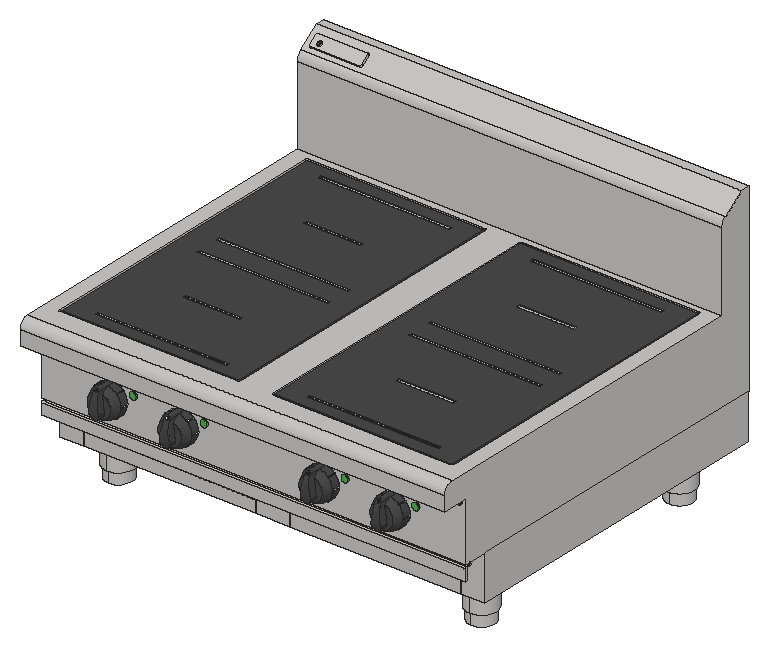
Revit family "QF_Moffat_IN8400R3-B_Induction Cooktop_cat", category Specialty Equipment, Revit 2019
Family settings
  Round Connector Dimension = Use Diameter
  Part Type = Normal
  Work Plane-Based = No
  Always vertical = Yes
  Cut with Voids When Loaded = No
  Shared = No
  Room Calculation Point = No
Parameters (values of type "INB8400R3-B_415/60/3")
  Weight in Kilograms = 105
  Watts = 14000 W
  Volts = 415 V
  URL Cutsheet = ""
  Specification by User = ""
  Specification by Manufacturer = ""
  Show Logo [instance] = yes
  Serial Number = ""
  Seismic Rating = ""
  SMACNA No = ""
  Revision Code = ""
  Phase = 3
  Number of Poles = 1
  NAFEM Spec ID Number = ""
  Model = "IN8400R3-B"
  Min Ckt Ampacity = 0 A
  Max Overcurrent Protection = 0 A
  Masterspec = ""
  Manufacturer = "Moffat"
  Length = 900 mm
  Item Number = ""
  Installed By = ""
  Identify Quantity as Lot = yes
  Height = 570 mm
  HP = ""
  Furnished By = ""
  Foodservice Equipment Identifier = yes
  FL Amps = 20 A
  Electrical Remarks = ""
  Electric Connection Type = ""
  Elec Conn RI Height = 0 mm
  Elec Conn Connection Height = 0 mm
  Description = "Induction Cooktop"
  Depth = 805 mm
  Cycle = 60 Hz
  Conn Plug = ""
  Conn Conduit = yes
  CSI MasterFormat = ""
  Apparent Power = if(Phase = 3, Volts * FL Amps * 1.73, Volts * FL Amps)  # 14359 VA
Reference planes
  plane 1 "BACK": y = 0
  plane 2: z = 0
  plane 3 "LEFT": x = 0
  plane 4 "RIGHT": x = 900
  plane 5 "FRONT": y = -805
  plane 6 "TOP": z = 570
  plane 7 "Center Y": x = 450
  plane 8 "Center X": y = -402.5
  plane 9: x = 65.5
  plane 10: y = -30
  plane 11: x = 770
  plane 12: z = 85
  plane 13: y = -100
  plane 14: y = -625
  plane 15: y = -70
  plane 16: z = 355
  plane 17: z = 75
  plane 18: x = 834.5
Forms (mm)
  Extrusion 1, solid, material "QF_Metal_Stainless_Polished"
    sketch origin (0, 0, 0) x (0, 1, 0) y (0, 0, 1)
      loop
        line (0, 180) -> (0, 570) -> (-18.182, 570) -> (-60.863, 538.99)
        arc (-60.863, 538.99) -> (-67.584, 531.121) -> (-70, 521.058) r 22.165
        line (-70, 521.058) -> (-70, 355) -> (-784.417, 355)
        arc (-784.417, 355) -> (-798.971, 348.971) -> (-805, 334.417) r 20.583
        line (-805, 334.417) -> (-805, 305) -> (-749, 305) -> (-749, 180) -> (0, 180)
    from 0 to 900
  Extrusion 2, void
    sketch origin (0, -784.171, 355) x (0, 1, 0) y (-1, 0, 0)
      loop
        arc (699.341, -37.323) -> (697.584, -33.08) -> (693.341, -31.323) r 6
        line (693.341, -31.323) -> (45.245, -31.323)
        arc (45.245, -31.323) -> (41.002, -33.08) -> (39.245, -37.323) r 6
        line (39.245, -37.323) -> (39.245, -410.105)
        arc (39.245, -410.105) -> (41.002, -414.347) -> (45.245, -416.105) r 6
        line (45.245, -416.105) -> (693.341, -416.105)
        arc (693.341, -416.105) -> (697.584, -414.347) -> (699.341, -410.105) r 6
        line (699.341, -410.105) -> (699.341, -37.323)
      loop
        line (699.341, -862.677) -> (699.341, -489.895)
        arc (699.341, -489.895) -> (697.584, -485.653) -> (693.341, -483.895) r 6
        line (693.341, -483.895) -> (45.245, -483.895)
        arc (45.245, -483.895) -> (41.002, -485.653) -> (39.245, -489.895) r 6
        line (39.245, -489.895) -> (39.245, -862.677)
        arc (39.245, -862.677) -> (41.002, -866.92) -> (45.245, -868.677) r 6
        line (45.245, -868.677) -> (693.341, -868.677)
        arc (693.341, -868.677) -> (697.584, -866.92) -> (699.341, -862.677) r 6
    from 0 to -9.5
  Extrusion 3, solid, material "QF_Plastic_Black_Smooth"
    sketch origin (0, -784.171, 355) x (0, 1, 0) y (-1, 0, 0)
      loop
        line (695.341, -410.105) -> (695.341, -37.323)
        arc (695.341, -37.323) -> (694.755, -35.908) -> (693.341, -35.323) r 2
        line (693.341, -35.323) -> (45.245, -35.323)
        arc (45.245, -35.323) -> (43.831, -35.908) -> (43.245, -37.323) r 2
        line (43.245, -37.323) -> (43.245, -410.105)
        arc (43.245, -410.105) -> (43.831, -411.519) -> (45.245, -412.105) r 2
        line (45.245, -412.105) -> (693.341, -412.105)
        arc (693.341, -412.105) -> (694.755, -411.519) -> (695.341, -410.105) r 2
      loop
        line (667.194, -86.598) -> (661.194, -86.598) -> (661.194, -363.75) -> (667.194, -363.75) -> (667.194, -86.598)
      loop
        line (526.611, -163.924) -> (526.611, -283.924) -> (532.611, -283.924) -> (532.611, -163.924) -> (526.611, -163.924)
      loop
        line (398.444, -86.598) -> (392.444, -86.598) -> (392.444, -363.75) -> (398.444, -363.75) -> (398.444, -86.598)
      loop
        line (345.944, -86.598) -> (339.944, -86.598) -> (339.944, -363.75) -> (345.944, -363.75) -> (345.944, -86.598)
      loop
        line (206.611, -163.924) -> (206.611, -283.924) -> (212.611, -283.924) -> (212.611, -163.924) -> (206.611, -163.924)
      loop
        line (77.194, -86.598) -> (71.194, -86.598) -> (71.194, -363.75) -> (77.194, -363.75) -> (77.194, -86.598)
      loop
        arc (695.341, -489.895) -> (694.755, -488.481) -> (693.341, -487.895) r 2
        line (693.341, -487.895) -> (45.245, -487.895)
        arc (45.245, -487.895) -> (43.831, -488.481) -> (43.245, -489.895) r 2
        line (43.245, -489.895) -> (43.245, -862.677)
        arc (43.245, -862.677) -> (43.831, -864.092) -> (45.245, -864.677) r 2
        line (45.245, -864.677) -> (693.341, -864.677)
        arc (693.341, -864.677) -> (694.755, -864.092) -> (695.341, -862.677) r 2
        line (695.341, -862.677) -> (695.341, -489.895)
      loop
        line (667.194, -813.402) -> (667.194, -536.25) -> (661.194, -536.25) -> (661.194, -813.402) -> (667.194, -813.402)
      loop
        line (526.611, -736.076) -> (532.611, -736.076) -> (532.611, -616.076) -> (526.611, -616.076) -> (526.611, -736.076)
      loop
        line (398.444, -813.402) -> (398.444, -536.25) -> (392.444, -536.25) -> (392.444, -813.402) -> (398.444, -813.402)
      loop
        line (345.944, -813.402) -> (345.944, -536.25) -> (339.944, -536.25) -> (339.944, -813.402) -> (345.944, -813.402)
      loop
        line (206.611, -736.076) -> (212.611, -736.076) -> (212.611, -616.076) -> (206.611, -616.076) -> (206.611, -736.076)
      loop
        line (77.194, -813.402) -> (77.194, -536.25) -> (71.194, -536.25) -> (71.194, -813.402) -> (77.194, -813.402)
    from 0 to -9.5
  Extrusion 4, solid, material "QF_Metal_Stainless_Polished"
    sketch origin (0, 0, 40) x (0, 1, 0) y (0, 0, 1)
      loop
        line (-739.467, 140) -> (-738.192, 134.838)
        arc (-738.192, 134.838) -> (-738.307, 134.302) -> (-738.799, 134.063) r 0.625
        line (-738.799, 134.063) -> (-746.111, 134.063)
        arc (-746.111, 134.063) -> (-748.011, 133.276) -> (-748.797, 131.377) r 2.686
        line (-748.797, 131.377) -> (-748.797, 107.627) -> (-747.197, 107.627) -> (-747.197, 131.242)
        arc (-747.197, 131.242) -> (-746.84, 132.105) -> (-745.976, 132.463) r 1.221
        line (-745.976, 132.463) -> (-738.755, 132.463)
        arc (-738.755, 132.463) -> (-737.028, 133.304) -> (-736.625, 135.182) r 2.194
        line (-736.625, 135.182) -> (-737.815, 140) -> (-739.467, 140)
    from 0 to 900
  Extrusion 5, solid, material "QF_Plastic_Black_Smooth"
    sketch origin (0, -749, 181.875) x (0, 0, 1) y (-1, 0, 0)
      loop
        circle (112.843, -13.157) r 5
      loop
        circle (112.843, -886.843) r 5
    from 0 to 1.6
  Extrusion 6, solid, material "QF_Metal_Stainless_Polished"
    sketch origin (450, -699, 85) x (0, 1, 0) y (1, 0, 0)
      loop
        circle (669, 320) r 6.35
    from 0 to 10
  Extrusion 7, solid, material "QF_Metal_Stainless_Polished"
    sketch origin (0, -699, 85) x (1, 0, 0) y (0, -1, 0)
      loop
        line (0, -699) -> (900, -699) -> (900, 0) -> (849.2, 0) -> (849.2, -25.4) -> (485.8, -25.4) -> (485.8, 0) -> (414.2, 0) -> (414.2, -25.4) -> (50.8, -25.4) -> (50.8, 0) -> (0, 0) -> (0, -699)
    from 0 to -95
  Extrusion 8, solid, material "QF_Metal_Stainless_Polished"
    sketch origin (50.8, -30, 85) x (0, 1, 0) y (0, 0, 1)
      loop
        line (-669, 0) -> (-643.6, 0) -> (-643.6, 26.45) -> (-669, 26.45) -> (-669, 0)
      loop
        line (-669, 32.45) -> (-643.6, 32.45) -> (-643.6, 66.4) -> (-669, 66.4) -> (-669, 32.45)
      loop
        line (-669, 67.4) -> (-643.6, 67.4) -> (-643.6, 95) -> (-669, 95) -> (-669, 67.4)
    from 0 to 363.4
  Revolve 9, solid, material "QF_Metal_Stainless_Polished"
    sketch origin (65.5, -4572, -304.8) x (0, 0, -1) y (0, -1, 0)
      loop
        line (-304.8, -4499.5) -> (-304.8, -4472) -> (-389.8, -4472) -> (-389.8, -4503.75) -> (-329.8, -4503.75) -> (-329.8, -4499.5) -> (-304.8, -4499.5)
      axis (-389.8, -4472) -> (-304.8, -4472)
    angle from 0 to 360
  Revolve 10, solid, material "QF_Metal_Stainless_Polished"
    sketch origin (65.5, -4572, -304.8) x (0, 0, -1) y (0, -1, 0)
      loop
        line (-304.8, -3974.5) -> (-304.8, -3947) -> (-389.8, -3947) -> (-389.8, -3978.75) -> (-329.8, -3978.75) -> (-329.8, -3974.5) -> (-304.8, -3974.5)
      axis (-389.8, -3947) -> (-304.8, -3947)
    angle from 0 to 360
  Revolve 11, solid, material "QF_Metal_Stainless_Polished"
    sketch origin (834.5, -4572, -304.8) x (0, 0, -1) y (0, 1, 0)
      loop
        line (-304.8, 4499.5) -> (-329.8, 4499.5) -> (-329.8, 4503.75) -> (-389.8, 4503.75) -> (-389.8, 4472) -> (-304.8, 4472) -> (-304.8, 4499.5)
      axis (-389.8, 4472) -> (-304.8, 4472)
    angle from 0 to 360
  Revolve 12, solid, material "QF_Metal_Stainless_Polished"
    sketch origin (834.5, -4572, -304.8) x (0, 0, -1) y (0, 1, 0)
      loop
        line (-304.8, 3974.5) -> (-329.8, 3974.5) -> (-329.8, 3978.75) -> (-389.8, 3978.75) -> (-389.8, 3947) -> (-304.8, 3947) -> (-304.8, 3974.5)
      axis (-389.8, 3947) -> (-304.8, 3947)
    angle from 0 to 360
  Extrusion 13, solid, material "QF_Metal_Stainless_Polished"
    sketch origin (900, 0, 0) x (-1, 0, 0) y (0, -1, 0)
      loop
        line (536.25, 122.976) -> (536.25, 116.976) -> (813.402, 116.976) -> (813.402, 122.976) -> (536.25, 122.976)
      loop
        line (736.076, 251.56) -> (736.076, 257.56) -> (616.076, 257.56) -> (616.076, 251.56) -> (736.076, 251.56)
      loop
        line (813.402, 385.726) -> (813.402, 391.726) -> (536.25, 391.726) -> (536.25, 385.726) -> (813.402, 385.726)
      loop
        line (813.402, 438.226) -> (813.402, 444.226) -> (536.25, 444.226) -> (536.25, 438.226) -> (813.402, 438.226)
      loop
        line (736.076, 571.56) -> (736.076, 577.56) -> (616.076, 577.56) -> (616.076, 571.56) -> (736.076, 571.56)
      loop
        line (536.25, 712.976) -> (536.25, 706.976) -> (813.402, 706.976) -> (813.402, 712.976) -> (536.25, 712.976)
      loop
        line (363.75, 122.976) -> (86.598, 122.976) -> (86.598, 116.976) -> (363.75, 116.976) -> (363.75, 122.976)
      loop
        line (163.924, 251.56) -> (283.924, 251.56) -> (283.924, 257.56) -> (163.924, 257.56) -> (163.924, 251.56)
      loop
        line (86.598, 385.726) -> (363.75, 385.726) -> (363.75, 391.726) -> (86.598, 391.726) -> (86.598, 385.726)
      loop
        line (86.598, 438.226) -> (363.75, 438.226) -> (363.75, 444.226) -> (86.598, 444.226) -> (86.598, 438.226)
      loop
        line (163.924, 571.56) -> (283.924, 571.56) -> (283.924, 577.56) -> (163.924, 577.56) -> (163.924, 571.56)
      loop
        line (363.75, 712.976) -> (86.598, 712.976) -> (86.598, 706.976) -> (363.75, 706.976) -> (363.75, 712.976)
    from 355 to 345.5
  Extrusion 14, solid, material "QF_Paint_Green"
    sketch origin (63.231, -748.999, 153.75) x (0, 0, 1) y (-1, 0, 0)
      loop
        circle (100.3, -282.5) r 7.15
    from 0 to 1.6
  Extrusion 15, solid, material "QF_Plastic_Black_Smooth"
    sketch origin (75, -748.999, 165.625) x (0, 0, 1) y (-1, 0, 0)
      loop
        circle (112.843, -225) r 5
    from 0 to 1.6
  Extrusion 16, solid, material "QF_Paint_Green"
    sketch origin (-86.769, -748.999, 153.75) x (0, 0, 1) y (-1, 0, 0)
      loop
        circle (100.3, -282.5) r 7.15
    from 0 to 1.6
  Extrusion 17, solid, material "QF_Plastic_Black_Smooth"
    sketch origin (-75, -748.999, 165.625) x (0, 0, 1) y (-1, 0, 0)
      loop
        circle (112.843, -225) r 5
    from 0 to 1.6
  Extrusion 18, solid, material "QF_Paint_Green"
    sketch origin (511.981, -748.999, 153.75) x (0, 0, 1) y (-1, 0, 0)
      loop
        circle (100.3, -282.5) r 7.15
    from 0 to 1.6
  Extrusion 19, solid, material "QF_Plastic_Black_Smooth"
    sketch origin (523.75, -748.999, 165.625) x (0, 0, 1) y (-1, 0, 0)
      loop
        circle (112.843, -225) r 5
    from 0 to 1.6
  Extrusion 20, solid, material "QF_Paint_Green"
    sketch origin (361.981, -748.999, 153.75) x (0, 0, 1) y (-1, 0, 0)
      loop
        circle (100.3, -282.5) r 7.15
    from 0 to 1.6
  Extrusion 21, solid, material "QF_Plastic_Black_Smooth"
    sketch origin (373.75, -748.999, 165.625) x (0, 0, 1) y (-1, 0, 0)
      loop
        circle (112.843, -225) r 5
    from 0 to 1.6
  Extrusion 22, solid, material "QF_Metal_Stainless_Polished"
    sketch origin (849.2, -30, 85) x (0, 1, 0) y (0, 0, -1)
      loop
        line (-669, 0) -> (-669, -26.45) -> (-643.6, -26.45) -> (-643.6, 0) -> (-669, 0)
      loop
        line (-669, -32.45) -> (-669, -66.4) -> (-643.6, -66.4) -> (-643.6, -32.45) -> (-669, -32.45)
      loop
        line (-669, -67.4) -> (-669, -95) -> (-643.6, -95) -> (-643.6, -67.4) -> (-669, -67.4)
    from 0 to 363.4
Cuts and joins
  Extrusion 2 cuts Extrusion 1
Lines and regions (mm)
  symbolic lines
    curve 1: line (0, 0, 0) -> (900, 0, 0)
    curve 2: line (0, -805, 0) -> (0, 0, 0)
    curve 3: line (900, -805, 0) -> (0, -805, 0)
    curve 4: line (900, 0, 0) -> (900, -805, 0)
    curve 5: line (0, -18.182, 0) -> (900, -18.182, 0)
    curve 6: line (0, -70, 0) -> (900, -70, 0)
    curve 7: line (37.323, -84.83, 0) -> (410.105, -84.83, 0)
    curve 8: arc (410.105, -84.83, 0) -> (414.347, -86.587, 0) -> (416.105, -90.83, 0) r 6
    curve 9: line (416.105, -90.83, 0) -> (416.105, -738.926, 0)
    curve 10: arc (416.105, -738.926, 0) -> (414.347, -743.168, 0) -> (410.105, -744.926, 0) r 6
    curve 11: line (410.105, -744.926, 0) -> (37.323, -744.926, 0)
    curve 12: arc (37.323, -744.926, 0) -> (33.08, -743.168, 0) -> (31.323, -738.926, 0) r 6
    curve 13: line (31.323, -738.926, 0) -> (31.323, -90.83, 0)
    curve 14: arc (31.323, -90.83, 0) -> (33.08, -86.587, 0) -> (37.323, -84.83, 0) r 6
    curve 15: line (410.105, -88.83, 0) -> (37.323, -88.83, 0)
    curve 16: arc (37.323, -88.83, 0) -> (35.908, -89.415, 0) -> (35.323, -90.83, 0) r 2
    curve 17: line (35.323, -90.83, 0) -> (35.323, -738.926, 0)
    curve 18: arc (35.323, -738.926, 0) -> (35.908, -740.34, 0) -> (37.323, -740.926, 0) r 2
    curve 19: line (37.323, -740.926, 0) -> (410.105, -740.926, 0)
    curve 20: arc (410.105, -740.926, 0) -> (411.519, -740.34, 0) -> (412.105, -738.926, 0) r 2
    curve 21: line (412.105, -738.926, 0) -> (412.105, -90.83, 0)
    curve 22: arc (412.105, -90.83, 0) -> (411.519, -89.415, 0) -> (410.105, -88.83, 0) r 2
    curve 23: line (416.105, -738.926, 0) -> (416.105, -90.83, 0)
    curve 24: line (412.105, -90.83, 0) -> (412.105, -738.926, 0)
    curve 25: line (862.677, -84.83, 0) -> (489.895, -84.83, 0)
    curve 26: arc (489.895, -84.83, 0) -> (485.653, -86.587, 0) -> (483.895, -90.83, 0) r 6
    curve 27: arc (483.895, -738.926, 0) -> (485.653, -743.168, 0) -> (489.895, -744.926, 0) r 6
    curve 28: line (489.895, -744.926, 0) -> (862.677, -744.926, 0)
    curve 29: arc (862.677, -744.926, 0) -> (866.92, -743.168, 0) -> (868.677, -738.926, 0) r 6
    curve 30: line (868.677, -738.926, 0) -> (868.677, -90.83, 0)
    curve 31: arc (868.677, -90.83, 0) -> (866.92, -86.587, 0) -> (862.677, -84.83, 0) r 6
    curve 32: line (489.895, -88.83, 0) -> (862.677, -88.83, 0)
    curve 33: arc (862.677, -88.83, 0) -> (864.092, -89.415, 0) -> (864.677, -90.83, 0) r 2
    curve 34: line (864.677, -90.83, 0) -> (864.677, -738.926, 0)
    curve 35: arc (864.677, -738.926, 0) -> (864.092, -740.34, 0) -> (862.677, -740.926, 0) r 2
    curve 36: line (862.677, -740.926, 0) -> (489.895, -740.926, 0)
    curve 37: arc (489.895, -740.926, 0) -> (488.481, -740.34, 0) -> (487.895, -738.926, 0) r 2
    curve 38: arc (487.895, -90.83, 0) -> (488.481, -89.415, 0) -> (489.895, -88.83, 0) r 2
    curve 39: line (487.895, -90.83, 0) -> (487.895, -738.926, 0)
    curve 40: arc (487.895, -738.926, 0) -> (488.481, -740.34, 0) -> (489.895, -740.926, 0) r 2
    curve 41: line (489.895, -740.926, 0) -> (862.677, -740.926, 0)
    curve 42: arc (862.677, -740.926, 0) -> (864.092, -740.34, 0) -> (864.677, -738.926, 0) r 2
    curve 43: line (864.677, -738.926, 0) -> (864.677, -90.83, 0)
    curve 44: arc (864.677, -90.83, 0) -> (864.092, -89.415, 0) -> (862.677, -88.83, 0) r 2
    curve 45: line (862.677, -88.83, 0) -> (489.895, -88.83, 0)
    curve 46: arc (489.895, -88.83, 0) -> (488.481, -89.415, 0) -> (487.895, -90.83, 0) r 2
    curve 47: line (483.895, -90.83, 0) -> (483.895, -738.926, 0)
    curve 48: arc (483.895, -738.926, 0) -> (485.653, -743.168, 0) -> (489.895, -744.926, 0) r 6
    curve 49: line (489.895, -744.926, 0) -> (862.677, -744.926, 0)
    curve 50: arc (862.677, -744.926, 0) -> (866.92, -743.168, 0) -> (868.677, -738.926, 0) r 6
    curve 51: line (868.677, -738.926, 0) -> (868.677, -90.83, 0)
    curve 52: arc (868.677, -90.83, 0) -> (866.92, -86.587, 0) -> (862.677, -84.83, 0) r 6
    curve 53: line (862.677, -84.83, 0) -> (489.895, -84.83, 0)
    curve 54: arc (489.895, -84.83, 0) -> (485.653, -86.587, 0) -> (483.895, -90.83, 0) r 6
    curve 55: line (86.598, -122.976, 0) -> (363.75, -122.976, 0)
    curve 56: line (363.75, -122.976, 0) -> (363.75, -116.976, 0)
    curve 57: line (363.75, -116.976, 0) -> (86.598, -116.976, 0)
    curve 58: line (86.598, -116.976, 0) -> (86.598, -122.976, 0)
    curve 59: line (283.924, -251.56, 0) -> (163.924, -251.56, 0)
    curve 60: line (163.924, -251.56, 0) -> (163.924, -257.56, 0)
    curve 61: line (163.924, -257.56, 0) -> (283.924, -257.56, 0)
    curve 62: line (283.924, -257.56, 0) -> (283.924, -251.56, 0)
    curve 63: line (536.25, -122.976, 0) -> (813.402, -122.976, 0)
    curve 64: line (813.402, -122.976, 0) -> (813.402, -116.976, 0)
    curve 65: line (813.402, -116.976, 0) -> (536.25, -116.976, 0)
    curve 66: line (536.25, -116.976, 0) -> (536.25, -122.976, 0)
    curve 67: line (813.402, -706.976, 0) -> (536.25, -706.976, 0)
    curve 68: line (536.25, -706.976, 0) -> (536.25, -712.976, 0)
    curve 69: line (536.25, -712.976, 0) -> (813.402, -712.976, 0)
    curve 70: line (813.402, -712.976, 0) -> (813.402, -706.976, 0)
    curve 71: line (86.598, -712.976, 0) -> (363.75, -712.976, 0)
    curve 72: line (363.75, -712.976, 0) -> (363.75, -706.976, 0)
    curve 73: line (363.75, -706.976, 0) -> (86.598, -706.976, 0)
    curve 74: line (86.598, -706.976, 0) -> (86.598, -712.976, 0)
    curve 75: line (283.924, -577.56, 0) -> (163.924, -577.56, 0)
    curve 76: line (163.924, -577.56, 0) -> (163.924, -571.56, 0)
    curve 77: line (163.924, -571.56, 0) -> (283.924, -571.56, 0)
    curve 78: line (283.924, -571.56, 0) -> (283.924, -577.56, 0)
    curve 79: line (86.598, -444.226, 0) -> (363.75, -444.226, 0)
    curve 80: line (363.75, -444.226, 0) -> (363.75, -438.226, 0)
    curve 81: line (363.75, -438.226, 0) -> (86.598, -438.226, 0)
    curve 82: line (86.598, -438.226, 0) -> (86.598, -444.226, 0)
    curve 83: line (86.598, -391.726, 0) -> (363.75, -391.726, 0)
    curve 84: line (363.75, -391.726, 0) -> (363.75, -385.726, 0)
    curve 85: line (363.75, -385.726, 0) -> (86.598, -385.726, 0)
    curve 86: line (86.598, -385.726, 0) -> (86.598, -391.726, 0)
    curve 87: line (813.402, -385.726, 0) -> (536.25, -385.726, 0)
    curve 88: line (536.25, -385.726, 0) -> (536.25, -391.726, 0)
    curve 89: line (536.25, -391.726, 0) -> (813.402, -391.726, 0)
    curve 90: line (813.402, -391.726, 0) -> (813.402, -385.726, 0)
    curve 91: line (616.076, -257.56, 0) -> (736.076, -257.56, 0)
    curve 92: line (736.076, -257.56, 0) -> (736.076, -251.56, 0)
    curve 93: line (736.076, -251.56, 0) -> (616.076, -251.56, 0)
    curve 94: line (616.076, -251.56, 0) -> (616.076, -257.56, 0)
    curve 95: line (536.25, -122.976, 0) -> (813.402, -122.976, 0)
    curve 96: line (813.402, -122.976, 0) -> (813.402, -116.976, 0)
    curve 97: line (813.402, -116.976, 0) -> (536.25, -116.976, 0)
    curve 98: line (536.25, -116.976, 0) -> (536.25, -122.976, 0)
    curve 99: line (813.402, -438.226, 0) -> (536.25, -438.226, 0)
    curve 100: line (536.25, -438.226, 0) -> (536.25, -444.226, 0)
    curve 101: line (536.25, -444.226, 0) -> (813.402, -444.226, 0)
    curve 102: line (813.402, -444.226, 0) -> (813.402, -438.226, 0)
    curve 103: line (736.076, -571.56, 0) -> (616.076, -571.56, 0)
    curve 104: line (616.076, -571.56, 0) -> (616.076, -577.56, 0)
    curve 105: line (616.076, -577.56, 0) -> (736.076, -577.56, 0)
    curve 106: line (736.076, -577.56, 0) -> (736.076, -571.56, 0)
    curve 107: line (813.402, -706.976, 0) -> (536.25, -706.976, 0)
    curve 108: line (536.25, -706.976, 0) -> (536.25, -712.976, 0)
    curve 109: line (536.25, -712.976, 0) -> (813.402, -712.976, 0)
    curve 110: line (813.402, -712.976, 0) -> (813.402, -706.976, 0)
Dimensions and locks
  equal spacing: plane 3 "LEFT", plane 7 "Center Y", plane 4 "RIGHT"
  "Length": plane 3 "LEFT" to plane 4 "RIGHT"
  equal spacing: plane 5 "FRONT", plane 8 "Center X", plane 1 "BACK"
  "Depth": plane 5 "FRONT" to plane 1 "BACK"
  "Height": plane 6 "TOP" to level
  plane 4 "RIGHT" to plane 3 "LEFT" = 900 mm
  plane 1 "BACK" to plane 5 "FRONT" = 805 mm
  plane 6 "TOP" to plane 2 = 570 mm
  locked: plane 11 to plane 4 "RIGHT" at 130
  plane 1 "BACK" to plane 10 = 30 mm
  plane 1 "BACK" to plane 13 to plane 14 = 100 mm, 525 mm
  plane 1 "BACK" to plane 15 = 70 mm
  plane 16 to level = 355 mm
  level to plane 12 = 85 mm
  plane 17 to level = 75 mm
  plane 11 to plane 4 "RIGHT" = 130 mm
  plane 18 to plane 9 = 769 mm
  locked: plane 4 "RIGHT" to plane 18 at 65.5
  aligned and locked: level to plane 2
  aligned and locked: plane 18 to Revolve 12
  aligned and locked: plane 18 to Revolve 11
  aligned and locked: Extrusion 7 sketch curve to plane 4 "RIGHT"
  aligned and locked: Extrusion 4 to plane 4 "RIGHT"
  aligned and locked: Extrusion 22 to Extrusion 7  (x2)
Automatic sketch dimensions
  Extrusion 1 sketch curve to plane 5 "FRONT" = 0 mm
  Extrusion 1 sketch curve to plane 16 = 0 mm
  Extrusion 1 sketch curve to plane 15 = 0 mm
  Extrusion 1 sketch curve to plane 6 "TOP" = 0 mm
  Extrusion 1 sketch curve to plane 1 "BACK" = 0 mm
  Extrusion 1 sketch curve to plane 5 "FRONT" = 20.583 mm
  Extrusion 1 sketch curve to plane 5 "FRONT" = 56 mm
  Extrusion 1 sketch curve to plane 15 = 9.137 mm
  plane 10 to Extrusion 1 sketch curve = 17.835 mm
  Extrusion 1 sketch curve to plane 10 = 11.818 mm
  Extrusion 1 sketch curve to Extrusion 1 sketch curve = 29.417 mm
  Extrusion 1 sketch curve to plane 12 = 95 mm
  Extrusion 1 sketch curve to plane 6 "TOP" = 48.942 mm
  Extrusion 4 sketch curve to plane 5 "FRONT" = 56.203 mm
  Extrusion 4 sketch curve to Extrusion 4 sketch curve = 1.6 mm
  Extrusion 4 sketch curve to Extrusion 4 sketch curve = 1.086 mm
  Extrusion 4 sketch curve to Extrusion 4 sketch curve = 0.135 mm  (x2)
  Extrusion 4 sketch curve to Extrusion 4 sketch curve = 6.644 mm
  Extrusion 4 sketch curve to Extrusion 4 sketch curve = 0.668 mm
  Extrusion 4 sketch curve to Extrusion 4 sketch curve = 0.044 mm
  Extrusion 4 sketch curve to Extrusion 4 sketch curve = 0.563 mm
  Extrusion 4 sketch curve to Extrusion 4 sketch curve = 1.652 mm
  Extrusion 4 sketch curve to Extrusion 4 sketch curve = 1.567 mm
  Extrusion 4 sketch curve to plane 12 = 62.627 mm
  Extrusion 4 sketch curve to Extrusion 4 sketch curve = 23.614 mm
  Extrusion 4 sketch curve to Extrusion 4 sketch curve = 0.594 mm
  Extrusion 4 sketch curve to Extrusion 4 sketch curve = 0.032 mm
  Extrusion 4 sketch curve to Extrusion 4 sketch curve = 5.162 mm
  Extrusion 1 to Extrusion 5 sketch curve = 10.282 mm  (x2)
  Extrusion 1 to Extrusion 5 sketch curve = 13.157 mm  (x2)
  plane 12 to Revolve 9 sketch curve = 0 mm
  Revolve 9 sketch curve to level = 0 mm  (x2)
  Revolve 9 sketch curve to plane 13 = 0 mm  (x2)
  plane 15 to Revolve 9 sketch curve = 2.5 mm
  level to Revolve 9 sketch curve = 25 mm
  Revolve 9 sketch curve to plane 15 = 1.75 mm
  Revolve 9 sketch curve to Revolve 9 sketch curve = 25 mm
  plane 12 to Revolve 10 sketch curve = 0 mm
  Revolve 10 sketch curve to level = 0 mm  (x2)
  Revolve 10 sketch curve to plane 14 = 0 mm  (x2)
  level to Revolve 10 sketch curve = 25 mm
  Revolve 10 sketch curve to Revolve 10 sketch curve = 27.5 mm
  Revolve 10 sketch curve to Revolve 10 sketch curve = 31.75 mm
  Revolve 10 sketch curve to Revolve 10 sketch curve = 25 mm
  plane 12 to Revolve 11 sketch curve = 0 mm
  Revolve 11 sketch curve to level = 0 mm  (x2)
  Revolve 11 sketch curve to plane 13 = 0 mm  (x2)
  plane 15 to Revolve 11 sketch curve = 2.5 mm
  Revolve 11 sketch curve to Revolve 11 sketch curve = 25 mm
  Revolve 11 sketch curve to plane 15 = 1.75 mm
  Revolve 11 sketch curve to level = 25 mm
  plane 12 to Revolve 12 sketch curve = 0 mm
  Revolve 12 sketch curve to level = 0 mm  (x2)
  Revolve 12 sketch curve to plane 14 = 0 mm  (x2)
  level to Revolve 12 sketch curve = 25 mm
  Revolve 12 sketch curve to plane 14 = 27.5 mm
  Revolve 12 sketch curve to Revolve 12 sketch curve = 4.25 mm
  Revolve 12 sketch curve to Revolve 12 sketch curve = 25 mm
  Extrusion 16 sketch curve to plane 16 = 100.95 mm
  Extrusion 16 sketch curve to plane 9 = 130.231 mm
  Extrusion 17 sketch curve to plane 16 = 76.532 mm
  Extrusion 17 sketch curve to plane 9 = 84.5 mm
  Extrusion 18 sketch curve to plane 11 = 24.481 mm
  Extrusion 18 sketch curve to plane 16 = 100.95 mm
  Extrusion 19 sketch curve to plane 16 = 76.532 mm
  plane 11 to Extrusion 19 sketch curve = 21.25 mm
  plane 12 to Extrusion 22 sketch curve = 0 mm
  plane 14 to Extrusion 22 sketch curve = 74 mm
  Extrusion 22 sketch curve to Extrusion 22 sketch curve = 0 mm  (x4)
  Extrusion 22 sketch curve to Extrusion 22 sketch curve = 25.4 mm
  Extrusion 22 sketch curve to plane 12 = 26.45 mm
  Extrusion 22 sketch curve to Extrusion 22 sketch curve = 6 mm
  Extrusion 22 sketch curve to Extrusion 22 sketch curve = 33.95 mm
  Extrusion 22 sketch curve to Extrusion 22 sketch curve = 1 mm
  Extrusion 22 sketch curve to Extrusion 22 sketch curve = 27.6 mm
  Extrusion 7 to Extrusion 6 sketch curve = 30 mm
  Extrusion 6 sketch curve to Extrusion 7 = 79.2 mm
  Extrusion 7 sketch curve to plane 3 "LEFT" = 0 mm
  plane 1 "BACK" to Extrusion 7 sketch curve = 0 mm
  plane 9 to Extrusion 7 sketch curve = 14.7 mm
  Extrusion 7 sketch curve to plane 7 "Center Y" = 35.8 mm
  plane 7 "Center Y" to Extrusion 7 sketch curve = 35.8 mm
  plane 18 to Extrusion 7 sketch curve = 14.7 mm
  plane 14 to Extrusion 7 sketch curve = 48.6 mm  (x2)
  Extrusion 7 sketch curve to Extrusion 7 sketch curve = 25.4 mm  (x3)
  Extrusion 8 sketch curve to Extrusion 7 = 0 mm  (x8)
  Extrusion 7 to Extrusion 8 sketch curve = 26.45 mm
  Extrusion 8 sketch curve to Extrusion 8 sketch curve = 6 mm
  Extrusion 7 to Extrusion 8 sketch curve = 28.6 mm
  Extrusion 8 sketch curve to Extrusion 8 sketch curve = 1 mm
  Extrusion 14 sketch curve to plane 7 "Center Y" = 104.269 mm
  Extrusion 14 sketch curve to plane 16 = 100.95 mm
  Extrusion 15 sketch curve to plane 16 = 76.532 mm
  Extrusion 15 sketch curve to plane 7 "Center Y" = 150 mm
  Extrusion 20 sketch curve to plane 16 = 100.95 mm
  plane 7 "Center Y" to Extrusion 20 sketch curve = 194.481 mm
  Extrusion 21 sketch curve to plane 16 = 76.532 mm
  plane 7 "Center Y" to Extrusion 21 sketch curve = 148.75 mm
  Extrusion 2 sketch curve to Extrusion 1 = 39.492 mm  (x2)
  Extrusion 2 sketch curve to Extrusion 2 sketch curve = 6 mm  (x6)
  Extrusion 1 to Extrusion 2 sketch curve = 20.83 mm  (x4)
  Extrusion 1 to Extrusion 2 sketch curve = 31.323 mm
  Extrusion 2 sketch curve to Extrusion 2 sketch curve = 372.782 mm
  Extrusion 2 sketch curve to Extrusion 2 sketch curve = 67.791 mm
  Extrusion 1 to Extrusion 2 sketch curve = 37.323 mm
  Extrusion 3 sketch curve to Extrusion 1 = 43.492 mm  (x2)
  Extrusion 3 sketch curve to Extrusion 3 sketch curve = 2 mm  (x6)
  Extrusion 3 sketch curve to Extrusion 3 sketch curve = 25.949 mm  (x2)
  Extrusion 3 sketch curve to Extrusion 3 sketch curve = 6 mm  (x12)
  Extrusion 3 sketch curve to Extrusion 3 sketch curve = 129.416 mm  (x2)
  Extrusion 3 sketch curve to Extrusion 3 sketch curve = 127.334 mm  (x2)
  Extrusion 3 sketch curve to Extrusion 3 sketch curve = 46.5 mm  (x2)
  Extrusion 3 sketch curve to Extrusion 3 sketch curve = 128.166 mm  (x2)
  Extrusion 1 to Extrusion 3 sketch curve = 52.976 mm  (x2)
  Extrusion 1 to Extrusion 3 sketch curve = 20.83 mm  (x4)
  Extrusion 1 to Extrusion 3 sketch curve = 35.323 mm
  Extrusion 3 sketch curve to Extrusion 3 sketch curve = 49.275 mm  (x2)
  Extrusion 1 to Extrusion 3 sketch curve = 86.598 mm  (x4)
  Extrusion 3 sketch curve to Extrusion 3 sketch curve = 0 mm  (x4)
  Extrusion 3 sketch curve to Extrusion 3 sketch curve = 77.326 mm  (x2)
  Extrusion 3 sketch curve to Extrusion 3 sketch curve = 120 mm  (x4)
  Extrusion 3 sketch curve to Extrusion 3 sketch curve = 79.826 mm  (x5)
  Extrusion 3 sketch curve to Extrusion 3 sketch curve = 46.355 mm  (x3)
  Extrusion 3 sketch curve to Extrusion 3 sketch curve = 75.791 mm
  Extrusion 3 sketch curve to Extrusion 3 sketch curve = 172.5 mm
  Extrusion 1 to Extrusion 3 sketch curve = 37.323 mm
  plane 18 to Extrusion 13 sketch curve = 21.098 mm  (x4)
  Extrusion 13 sketch curve to plane 11 = 33.924 mm  (x2)
  plane 14 to Extrusion 13 sketch curve = 47.44 mm
  Extrusion 13 sketch curve to Extrusion 13 sketch curve = 120 mm  (x2)
  plane 8 "Center X" to Extrusion 13 sketch curve = 41.726 mm  (x2)
  Extrusion 13 sketch curve to plane 7 "Center Y" = 86.25 mm  (x3)
  Extrusion 13 sketch curve to plane 8 "Center X" = 16.774 mm  (x2)
  Extrusion 13 sketch curve to Extrusion 13 sketch curve = 0 mm  (x2)
  Extrusion 13 sketch curve to plane 13 = 22.976 mm
  plane 7 "Center Y" to Extrusion 13 sketch curve = 86.25 mm  (x3)
  Extrusion 13 sketch curve to plane 13 = 16.976 mm
  plane 14 to Extrusion 13 sketch curve = 53.44 mm
  Extrusion 13 sketch curve to Extrusion 13 sketch curve = 79.826 mm  (x2)
  plane 9 to Extrusion 13 sketch curve = 98.424 mm  (x2)
  plane 9 to Extrusion 13 sketch curve = 21.098 mm  (x4)
  Extrusion 13 sketch curve to plane 14 = 81.976 mm  (x2)
  Extrusion 13 sketch curve to Extrusion 13 sketch curve = 6 mm  (x12)
  Extrusion 13 sketch curve to plane 8 "Center X" = 144.94 mm  (x2)
  curve 8 to curve 22 = 0 mm
  curve 10 to curve 20 = 0 mm  (x2)
  curve 12 to curve 18 = 0 mm  (x2)
  curve 14 to curve 16 = 0 mm  (x2)
  curve 27 to curve 37 = 0 mm
  curve 27 to curve 40 = 0 mm
  curve 29 to curve 35 = 0 mm  (x2)
  curve 38 to curve 54 = 0 mm
  curve 44 to curve 52 = 0 mm  (x2)
  plane 1 "BACK" to curve 1 = 0 mm
  curve 1 to plane 3 "LEFT" = 0 mm
  curve 6 to plane 4 "RIGHT" = 0 mm
  plane 5 "FRONT" to curve 3 = 0 mm
  plane 15 to curve 6 = 0 mm
  plane 3 "LEFT" to curve 13 = 31.323 mm
  curve 13 to curve 17 = 4 mm
  curve 16 to curve 16 = 2 mm
  curve 17 to curve 18 = 2 mm
  curve 85 to plane 9 = 21.098 mm
  curve 82 to plane 9 = 21.098 mm
  curve 71 to plane 9 = 21.098 mm
  curve 55 to plane 9 = 21.098 mm
  curve 77 to plane 9 = 98.424 mm
  curve 59 to plane 9 = 98.424 mm
  curve 60 to curve 62 = 120 mm
  curve 77 to plane 14 = 53.44 mm
  curve 76 to curve 77 = 120 mm
  plane 13 to curve 57 = 16.976 mm
  curve 57 to plane 7 "Center Y" = 86.25 mm
  curve 72 to plane 7 "Center Y" = 86.25 mm
  plane 8 "Center X" to curve 85 = 16.774 mm
  curve 85 to plane 7 "Center Y" = 86.25 mm
  curve 79 to curve 83 = 0 mm
  curve 10 to plane 7 "Center Y" = 39.895 mm
  plane 15 to curve 7 = 14.83 mm
  curve 7 to plane 7 "Center Y" = 39.895 mm
  curve 20 to curve 24 = 2 mm
  plane 7 "Center Y" to curve 47 = 33.895 mm
  curve 26 to curve 39 = 4 mm
  curve 46 to curve 45 = 2 mm
  curve 37 to curve 36 = 2 mm
  plane 8 "Center X" to curve 88 = 16.774 mm
  plane 7 "Center Y" to curve 88 = 86.25 mm
  curve 27 to curve 108 = 46.355 mm
  curve 101 to curve 88 = 0 mm
  plane 13 to curve 98 = 22.976 mm
  curve 46 to curve 98 = 46.355 mm
  curve 63 to curve 93 = 79.826 mm
  curve 105 to plane 14 = 47.44 mm
  curve 67 to curve 105 = 79.826 mm
  plane 11 to curve 106 = 33.924 mm
  plane 11 to curve 93 = 33.924 mm
  curve 90 to plane 18 = 21.098 mm
  curve 110 to plane 18 = 21.098 mm
  curve 95 to plane 18 = 21.098 mm
  curve 99 to plane 18 = 21.098 mm
  plane 18 to curve 53 = 28.177 mm
  plane 18 to curve 28 = 28.177 mm
  curve 31 to curve 34 = 2 mm
  curve 11 to plane 5 "FRONT" = 60.074 mm
  curve 49 to plane 5 "FRONT" = 60.074 mm
  curve 29 to curve 109 = 25.949 mm
  curve 18 to curve 74 = 25.949 mm
  curve 71 to curve 73 = 6 mm
  curve 69 to curve 70 = 6 mm
  curve 75 to curve 77 = 6 mm
  curve 105 to curve 106 = 6 mm
  curve 101 to plane 8 "Center X" = 41.726 mm
  curve 82 to plane 8 "Center X" = 41.726 mm
  curve 101 to curve 99 = 6 mm
  curve 79 to curve 82 = 6 mm
  curve 90 to curve 87 = 6 mm
  curve 84 to curve 84 = 6 mm
  plane 8 "Center X" to curve 92 = 144.94 mm
  plane 8 "Center X" to curve 62 = 144.94 mm
  curve 60 to curve 59 = 6 mm
  curve 91 to curve 94 = 6 mm
  curve 56 to curve 56 = 6 mm
  curve 63 to curve 98 = 6 mm
  curve 54 to plane 13 = 9.17 mm
  curve 5 to plane 10 = 11.818 mm
  radius of Extrusion 5 sketch curve = 5 mm  (x2)
  radius of Extrusion 16 sketch curve = 7.15 mm
  radius of Extrusion 17 sketch curve = 5 mm
  radius of Extrusion 18 sketch curve = 7.15 mm
  radius of Extrusion 19 sketch curve = 5 mm
  radius of Extrusion 6 sketch curve = 6.35 mm
  radius of Extrusion 14 sketch curve = 7.15 mm
  radius of Extrusion 15 sketch curve = 5 mm
  radius of Extrusion 20 sketch curve = 7.15 mm
  radius of Extrusion 21 sketch curve = 5 mm
Nested families
  nested 1: "QF_LOGO_Waldorf" at (12, -52.35, 545.175), visible <- "Show Logo", type "QF_LOGO_Waldorf"
  nested 2: "Knob" at (267.5, -739.499, 200.75), type "Knob"
  nested 3: "Knob" at (117.5, -739.499, 200.75), type "Knob"
  nested 4: "Knob" at (716.25, -739.499, 200.75), type "Knob"
  nested 5: "Knob" at (566.25, -739.499, 200.75), type "Knob"
Connectors
  electrical at (770, -30, 75), driven by "Volts", driven by "Watts"
    settings: on Extrusion 6, index 3, voltage 415 V, apparent load 14000 VA, apparent load phase1 0 VA, apparent load phase2 0 VA, apparent load phase3 0 VA, power factor 1, load classification "Other", number of poles 1, system type 30, power factor state 1, is connector primary yes, connector utility no, sub classification motor no, connector description "ELECTRICAL CONNECTION"
Definition of nested family "QF_LOGO_Waldorf"
  Parameters (values of type "QF_LOGO_Waldorf")
    Weight in Pounds = 0
    URL Cutsheet = ""
    Specification by User = ""
    Specification by Manufacturer = ""
    Serial Number = ""
    Seismic Rating = ""
    SMACNA No = ""
    Revision Code = ""
    NAFEM Spec ID Number = ""
    Masterspec = ""
    Length = 138 mm
    Item Number = ""
    Installed By = ""
    Identify Quantity as Lot = yes
    Height = 26.711 mm
    Furnished By = ""
    Foodservice Equipment Identifier = yes
    Depth = 3.175 mm
    CSI MasterFormat = ""
  Reference planes
    plane 1 "BACK": y = 0
    plane 2: z = 0
    plane 3 "LEFT": x = 0
    plane 4 "RIGHT": x = 138
    plane 5 "FRONT": y = -3.175
    plane 6 "TOP": z = 26.711
    plane 7 "Center Y": x = 69
    plane 8 "Center X": y = -1.587
  Forms (mm)
    Extrusion 1, solid
      sketch origin (0, 0, 0) x (1, 0, 0) y (0, 0.809017, 0.587785)
        loop
          line (109, 3.464) -> (109, 23.247)
          spline (109, 23.247) -> (108.966, 23.699) -> (108.864, 24.143) -> (108.696, 24.572) -> (108.464, 24.979) -> (108.173, 25.355) -> (107.828, 25.696) -> (107.435, 25.995) -> (107, 26.247) -> (106.531, 26.447) -> (106.035, 26.593) -> (105.522, 26.681) -> (105, 26.711)
          line (105, 26.711) -> (4, 26.711)
          spline (4, 26.711) -> (3.478, 26.681) -> (2.965, 26.593) -> (2.469, 26.447) -> (2, 26.247) -> (1.565, 25.995) -> (1.172, 25.696) -> (0.827, 25.355) -> (0.536, 24.979) -> (0.304, 24.572) -> (0.136, 24.143) -> (0.034, 23.699) -> (0, 23.247)
          line (0, 23.247) -> (0, 3.464)
          spline (0, 3.464) -> (0.034, 3.012) -> (0.136, 2.568) -> (0.304, 2.138) -> (0.536, 1.732) -> (0.827, 1.355) -> (1.172, 1.015) -> (1.565, 0.716) -> (2, 0.464) -> (2.469, 0.264) -> (2.965, 0.118) -> (3.478, 0.03) -> (4, 0)
          line (4, 0) -> (105, 0)
          spline (105, 0) -> (105.522, 0.03) -> (106.035, 0.118) -> (106.531, 0.264) -> (107, 0.464) -> (107.435, 0.716) -> (107.828, 1.015) -> (108.173, 1.355) -> (108.464, 1.732) -> (108.696, 2.138) -> (108.864, 2.568) -> (108.966, 3.012) -> (109, 3.464)
        loop
          line (14.75, 7.005) -> (14.75, 15.654)
          arc (14.75, 15.654) -> (10.425, 11.329) -> (14.75, 7.005) r 4.325
        loop
          line (15.25, 15.654) -> (15.25, 7.005)
          arc (15.25, 7.005) -> (19.575, 11.329) -> (15.25, 15.654) r 4.325
      from 0 to 3.2
    Extrusion 2, solid
      sketch origin (0, 0, 0) x (1, 0, 0) y (0, 0.809017, 0.587785)
        loop
          line (15.25, 15.654) -> (15.25, 7.005)
          arc (15.25, 7.005) -> (19.575, 11.329) -> (15.25, 15.654) r 4.325
      from 0 to 3.2
    Extrusion 3, solid
      sketch origin (16.271, 0, 0) x (-1, 0, 0) y (0, -0.809017, -0.587785)
        loop
          arc (1.521, -15.654) -> (5.846, -11.329) -> (1.521, -7.005) r 4.325
          line (1.521, -7.005) -> (1.521, -15.654)
      from 0 to 3.2
  Lines and regions (mm)
    Split face 1
      outline origin (0, -1.881, 2.589) x (1, 0, 0) y (0, 0.809017, 0.587785)
        loop
          spline (22.129, 16.975) -> (22.389, 15.984) -> (22.649, 15.002) -> (22.91, 14.028) -> (23.172, 13.065) -> (23.433, 12.11) -> (23.695, 11.166) -> (23.956, 10.232) -> (24.218, 9.308) -> (24.479, 8.396) -> (24.74, 7.495) -> (25, 6.605) -> (25.26, 5.728)
          line (25.26, 5.728) -> (29.463, 5.728)
          spline (29.463, 5.728) -> (29.582, 6.252) -> (29.701, 6.78) -> (29.82, 7.313) -> (29.939, 7.85) -> (30.058, 8.391) -> (30.178, 8.936) -> (30.297, 9.485) -> (30.416, 10.038) -> (30.536, 10.594) -> (30.655, 11.155) -> (30.775, 11.719) -> (30.894, 12.287)
          spline (30.894, 12.287) -> (31.018, 11.719) -> (31.142, 11.155) -> (31.266, 10.594) -> (31.39, 10.038) -> (31.514, 9.485) -> (31.638, 8.936) -> (31.762, 8.391) -> (31.885, 7.85) -> (32.009, 7.313) -> (32.133, 6.78) -> (32.256, 6.252) -> (32.379, 5.728)
          line (32.379, 5.728) -> (36.51, 5.728)
          spline (36.51, 5.728) -> (36.766, 6.605) -> (37.023, 7.495) -> (37.28, 8.396) -> (37.538, 9.308) -> (37.795, 10.232) -> (38.053, 11.166) -> (38.311, 12.11) -> (38.569, 13.065) -> (38.826, 14.028) -> (39.083, 15.002) -> (39.34, 15.984) -> (39.597, 16.975)
          line (39.597, 16.975) -> (35.637, 16.975)
          spline (35.637, 16.975) -> (35.523, 16.334) -> (35.41, 15.697) -> (35.296, 15.063) -> (35.182, 14.433) -> (35.068, 13.807) -> (34.954, 13.185) -> (34.84, 12.566) -> (34.726, 11.952) -> (34.612, 11.342) -> (34.497, 10.737) -> (34.383, 10.135) -> (34.269, 9.538)
          spline (34.269, 9.538) -> (34.138, 10.135) -> (34.008, 10.737) -> (33.877, 11.342) -> (33.746, 11.952) -> (33.616, 12.566) -> (33.485, 13.185) -> (33.354, 13.807) -> (33.224, 14.433) -> (33.093, 15.063) -> (32.963, 15.697) -> (32.833, 16.334) -> (32.703, 16.975)
          line (32.703, 16.975) -> (29.247, 16.975)
          spline (29.247, 16.975) -> (29.111, 16.334) -> (28.974, 15.697) -> (28.837, 15.063) -> (28.7, 14.433) -> (28.562, 13.807) -> (28.425, 13.185) -> (28.288, 12.566) -> (28.15, 11.952) -> (28.013, 11.342) -> (27.875, 10.737) -> (27.738, 10.135) -> (27.6, 9.538)
          spline (27.6, 9.538) -> (27.483, 10.135) -> (27.366, 10.737) -> (27.249, 11.342) -> (27.132, 11.952) -> (27.015, 12.566) -> (26.897, 13.185) -> (26.78, 13.807) -> (26.663, 14.433) -> (26.546, 15.063) -> (26.43, 15.697) -> (26.313, 16.334) -> (26.196, 16.975)
          line (26.196, 16.975) -> (22.129, 16.975)
    Split face 2
      outline origin (0, -1.881, 2.589) x (1, 0, 0) y (0, 0.809017, 0.587785)
        loop
          line (51.449, 5.728) -> (51.035, 6.606) -> (51.035, 11.169)
          spline (51.035, 11.169) -> (50.686, 12.42) -> (50.176, 13.224) -> (49.51, 13.708) -> (48.693, 13.995) -> (47.747, 14.152) -> (46.698, 14.207) -> (45.579, 14.186) -> (44.419, 14.114) -> (43.279, 13.929) -> (42.249, 13.481) -> (41.424, 12.614) -> (40.897, 11.169)
          line (40.897, 11.169) -> (44.617, 11.169) -> (44.988, 11.965)
          spline (44.988, 11.965) -> (47.294, 11.682) -> (46.856, 10.932) -> (45.527, 10.609) -> (43.858, 10.439) -> (42.259, 10.123) -> (41.078, 9.417) -> (40.563, 8.246) -> (40.689, 6.989) -> (41.407, 6.052) -> (42.774, 5.536) -> (44.847, 5.497) -> (47.306, 6.602)
          line (47.306, 6.602) -> (47.624, 5.728) -> (51.449, 5.728)
    Split face 3
      outline origin (0, -1.881, 2.589) x (1, 0, 0) y (0, 0.809017, 0.587785)
        loop
          line (47.264, 9.264) -> (44.938, 8.597)
          spline (44.938, 8.597) -> (44.508, 8.228) -> (44.402, 7.9) -> (44.548, 7.626) -> (44.877, 7.42) -> (45.317, 7.295) -> (45.797, 7.265) -> (46.252, 7.342) -> (46.65, 7.525) -> (46.971, 7.813) -> (47.194, 8.201) -> (47.298, 8.685) -> (47.264, 9.264)
    Split face 4
      outline origin (0, -1.881, 2.589) x (1, 0, 0) y (0, 0.809017, 0.587785)
        loop
          line (53.33, 16.975) -> (53.33, 5.728) -> (57.173, 5.728) -> (57.173, 16.975) -> (53.33, 16.975)
    Split face 5
      outline origin (0, -1.881, 2.589) x (1, 0, 0) y (0, 0.809017, 0.587785)
        loop
          line (65.795, 16.975) -> (65.795, 12.976)
          spline (65.795, 12.976) -> (63.839, 14.082) -> (62.087, 14.096) -> (60.633, 13.343) -> (59.574, 12.148) -> (58.99, 10.806) -> (58.867, 9.452) -> (59.156, 8.159) -> (59.81, 7) -> (60.786, 6.056) -> (62.111, 5.514) -> (63.868, 5.634) -> (66.137, 6.679)
          line (66.137, 6.679) -> (66.137, 5.728) -> (69.511, 5.728) -> (69.511, 16.975) -> (65.795, 16.975)
    Split face 6
      outline origin (0, -1.881, 2.589) x (1, 0, 0) y (0, 0.809017, 0.587785)
        loop
          spline (64.273, 7.499) -> (64.754, 7.57) -> (65.202, 7.777) -> (65.587, 8.106) -> (65.882, 8.535) -> (66.067, 9.034) -> (66.131, 9.57) -> (66.067, 10.106) -> (65.882, 10.605) -> (65.587, 11.034) -> (65.202, 11.363) -> (64.754, 11.57) -> (64.273, 11.64)
          spline (64.273, 11.64) -> (63.793, 11.57) -> (63.345, 11.363) -> (62.96, 11.034) -> (62.665, 10.605) -> (62.479, 10.106) -> (62.416, 9.57) -> (62.479, 9.034) -> (62.665, 8.535) -> (62.96, 8.106) -> (63.345, 7.777) -> (63.793, 7.57) -> (64.273, 7.499)
    Split face 7
      outline origin (0, -1.881, 2.589) x (1, 0, 0) y (0, 0.809017, 0.587785)
        loop
          spline (76.449, 5.305) -> (77.855, 5.457) -> (79.166, 5.901) -> (80.291, 6.607) -> (81.155, 7.527) -> (81.698, 8.599) -> (81.883, 9.749) -> (81.698, 10.899) -> (81.155, 11.97) -> (80.291, 12.891) -> (79.166, 13.597) -> (77.855, 14.041) -> (76.449, 14.192)
          spline (76.449, 14.192) -> (75.042, 14.041) -> (73.731, 13.597) -> (72.606, 12.891) -> (71.742, 11.97) -> (71.199, 10.899) -> (71.014, 9.749) -> (71.199, 8.599) -> (71.742, 7.527) -> (72.606, 6.607) -> (73.731, 5.901) -> (75.042, 5.457) -> (76.449, 5.305)
    Split face 8
      outline origin (0, -1.881, 2.589) x (1, 0, 0) y (0, 0.809017, 0.587785)
        loop
          spline (76.449, 7.654) -> (76.841, 7.725) -> (77.206, 7.934) -> (77.52, 8.267) -> (77.76, 8.701) -> (77.912, 9.206) -> (77.963, 9.749) -> (77.912, 10.291) -> (77.76, 10.796) -> (77.52, 11.23) -> (77.206, 11.563) -> (76.841, 11.772) -> (76.449, 11.843)
          spline (76.449, 11.843) -> (76.057, 11.772) -> (75.691, 11.563) -> (75.378, 11.23) -> (75.137, 10.796) -> (74.986, 10.291) -> (74.934, 9.749) -> (74.986, 9.206) -> (75.137, 8.701) -> (75.378, 8.267) -> (75.691, 7.934) -> (76.057, 7.725) -> (76.449, 7.654)
    Split face 9
      outline origin (0, -1.881, 2.589) x (1, 0, 0) y (0, 0.809017, 0.587785)
        loop
          line (86.998, 12.335) -> (86.998, 13.879) -> (83.479, 13.879) -> (83.479, 5.728) -> (87.312, 5.728) -> (87.312, 8.975)
          spline (87.312, 8.975) -> (87.364, 9.356) -> (87.458, 9.686) -> (87.594, 9.968) -> (87.769, 10.204) -> (87.982, 10.398) -> (88.229, 10.55) -> (88.509, 10.666) -> (88.82, 10.746) -> (89.16, 10.794) -> (89.525, 10.812) -> (89.915, 10.803) -> (90.327, 10.77)
          line (90.327, 10.77) -> (90.327, 14.113)
          spline (90.327, 14.113) -> (89.929, 14.127) -> (89.552, 14.111) -> (89.197, 14.066) -> (88.865, 13.991) -> (88.554, 13.887) -> (88.266, 13.754) -> (87.999, 13.591) -> (87.755, 13.399) -> (87.532, 13.177) -> (87.332, 12.926) -> (87.154, 12.645) -> (86.998, 12.335)
    Split face 10
      outline origin (0, -1.881, 2.589) x (1, 0, 0) y (0, 0.809017, 0.587785)
        loop
          line (92.082, 13.879) -> (90.894, 13.879) -> (90.894, 11.972) -> (92.082, 11.972) -> (92.082, 5.728) -> (95.871, 5.728) -> (95.871, 11.972) -> (97.5, 11.972) -> (97.5, 13.879) -> (95.871, 13.879)
          spline (95.871, 13.879) -> (95.843, 14.088) -> (95.845, 14.278) -> (95.877, 14.447) -> (95.939, 14.596) -> (96.03, 14.726) -> (96.151, 14.835) -> (96.301, 14.925) -> (96.482, 14.995) -> (96.692, 15.045) -> (96.931, 15.075) -> (97.201, 15.085) -> (97.5, 15.076)
          line (97.5, 15.076) -> (97.5, 17.266) -> (95.367, 17.266)
          spline (95.367, 17.266) -> (94.982, 17.253) -> (94.58, 17.21) -> (94.174, 17.132) -> (93.774, 17.013) -> (93.39, 16.846) -> (93.034, 16.627) -> (92.717, 16.349) -> (92.448, 16.007) -> (92.24, 15.595) -> (92.102, 15.106) -> (92.046, 14.537) -> (92.082, 13.879)
  Dimensions and locks
    equal spacing: plane 3 "LEFT", plane 7 "Center Y", plane 4 "RIGHT"
    "Length": plane 3 "LEFT" to plane 4 "RIGHT"
    equal spacing: plane 5 "FRONT", plane 8 "Center X", plane 1 "BACK"
    "Depth": plane 5 "FRONT" to plane 1 "BACK"
    "Height": plane 6 "TOP" to level
    plane 4 "RIGHT" to plane 3 "LEFT" = 138 mm
    aligned and locked: level to plane 2
  Automatic sketch dimensions
    Extrusion 1 sketch curve to plane 3 "LEFT" = 0 mm
    plane 3 "LEFT" to Extrusion 1 sketch curve = 4 mm  (x2)
    Extrusion 1 sketch curve to Extrusion 1 sketch curve = 10.75 mm
    Extrusion 1 sketch curve to Extrusion 1 sketch curve = 0.5 mm
    plane 4 "RIGHT" to Extrusion 1 sketch curve = 33 mm
    Extrusion 1 sketch curve to Extrusion 1 sketch curve = 0 mm  (x3)
    Extrusion 1 sketch curve to Extrusion 1 sketch curve = 4 mm
    Extrusion 1 sketch curve to Extrusion 1 sketch curve = 3.464 mm  (x3)
    Extrusion 1 sketch curve to Extrusion 1 sketch curve = 3.541 mm
    Extrusion 1 sketch curve to Extrusion 1 sketch curve = 4.325 mm
    Extrusion 1 sketch curve to Extrusion 1 sketch curve = 19.783 mm
    Extrusion 1 sketch curve to Extrusion 1 sketch curve = 7.592 mm
    plane 3 "LEFT" to Extrusion 2 sketch curve = 15.25 mm
    Extrusion 2 sketch curve to Extrusion 2 sketch curve = 4.325 mm
    plane 3 "LEFT" to Extrusion 3 sketch curve = 14.75 mm
    Extrusion 3 sketch curve to Extrusion 3 sketch curve = 4.325 mm
    Extrusion 1 to Split face 1 sketch curve = 6.879 mm
    Split face 1 sketch curve to Extrusion 1 = 5.728 mm
    Split face 1 sketch curve to Split face 1 sketch curve = 3.132 mm
    Split face 1 sketch curve to Split face 1 sketch curve = 4.068 mm
    Split face 1 sketch curve to Split face 1 sketch curve = 3.051 mm
    Split face 1 sketch curve to Split face 1 sketch curve = 4.203 mm
    Split face 1 sketch curve to Split face 1 sketch curve = 2.916 mm
    Split face 1 sketch curve to Split face 1 sketch curve = 3.456 mm
    Split face 1 sketch curve to Split face 1 sketch curve = 2.934 mm
    Split face 1 sketch curve to Split face 1 sketch curve = 4.131 mm
    Split face 1 sketch curve to Split face 1 sketch curve = 3.96 mm
    Split face 1 sketch curve to Split face 1 sketch curve = 0 mm  (x2)
    Split face 1 sketch curve to Extrusion 1 = 9.736 mm  (x2)
    Extrusion 1 to Split face 1 sketch curve = 6.337 mm
    Extrusion 1 to Split face 1 sketch curve = 6.231 mm
    Extrusion 1 to Split face 1 sketch curve = 3.184 mm
    Extrusion 1 to Split face 1 sketch curve = 13.135 mm
    Split face 1 sketch curve to Split face 1 sketch curve = 4.652 mm
    Split face 1 sketch curve to Split face 1 sketch curve = 3.593 mm
    Split face 1 sketch curve to Split face 1 sketch curve = 1.863 mm
    Split face 1 sketch curve to Split face 1 sketch curve = 0.713 mm
    Split face 1 sketch curve to Split face 1 sketch curve = 2.684 mm
    Split face 1 sketch curve to Split face 1 sketch curve = 3.294 mm
    Split face 1 sketch curve to Split face 1 sketch curve = 0.459 mm
    Split face 1 sketch curve to Split face 1 sketch curve = 2.775 mm
    Split face 1 sketch curve to Split face 1 sketch curve = 1.89 mm
    Split face 1 sketch curve to Split face 1 sketch curve = 0.685 mm
    Split face 1 sketch curve to Split face 1 sketch curve = 9.486 mm
    Split face 1 sketch curve to Split face 1 sketch curve = 16.213 mm
    Split face 1 sketch curve to Split face 1 sketch curve = 3.48 mm
    Split face 1 sketch curve to Split face 1 sketch curve = 4.918 mm
    Split face 1 sketch curve to Split face 1 sketch curve = 7.609 mm
    Split face 1 sketch curve to Split face 1 sketch curve = 0.01 mm  (x2)
    Split face 1 sketch curve to Split face 1 sketch curve = 0.002 mm
    Split face 2 sketch curve to Extrusion 1 = 11.169 mm
    Extrusion 1 to Split face 2 sketch curve = 25.647 mm
    Split face 2 sketch curve to Split face 2 sketch curve = 3.72 mm
    Split face 2 sketch curve to Extrusion 1 = 11.965 mm
    Split face 2 sketch curve to Split face 2 sketch curve = 0.371 mm
    Split face 2 sketch curve to Extrusion 1 = 6.602 mm
    Split face 2 sketch curve to Split face 2 sketch curve = 2.689 mm
    Split face 2 sketch curve to Split face 2 sketch curve = 0.318 mm
    Split face 2 sketch curve to Split face 2 sketch curve = 3.729 mm
    Split face 2 sketch curve to Split face 2 sketch curve = 0.414 mm
    Split face 2 sketch curve to Split face 2 sketch curve = 0.875 mm
    Split face 2 sketch curve to Split face 2 sketch curve = 0.878 mm
    Split face 3 sketch curve to Extrusion 1 = 8.597 mm
    Extrusion 1 to Split face 3 sketch curve = 29.688 mm
    Split face 3 sketch curve to Extrusion 1 = 9.264 mm
    Split face 3 sketch curve to Split face 3 sketch curve = 2.326 mm
    Split face 4 sketch curve to Extrusion 1 = 5.728 mm
    Extrusion 1 to Split face 4 sketch curve = 38.08 mm
    Split face 4 sketch curve to Split face 4 sketch curve = 3.843 mm
    Split face 4 sketch curve to Extrusion 1 = 9.736 mm
    Split face 5 sketch curve to Extrusion 1 = 9.736 mm
    Split face 5 sketch curve to Extrusion 1 = 43.205 mm
    Split face 5 sketch curve to Extrusion 1 = 6.679 mm
    Split face 5 sketch curve to Split face 5 sketch curve = 0.342 mm
    Split face 5 sketch curve to Split face 5 sketch curve = 3.375 mm
    Split face 5 sketch curve to Split face 5 sketch curve = 0.952 mm
    Split face 5 sketch curve to Split face 5 sketch curve = 3.998 mm
    Split face 6 sketch curve to Extrusion 1 = 7.499 mm
    Split face 6 sketch curve to Extrusion 1 = 44.727 mm
    Split face 6 sketch curve to Split face 6 sketch curve = 2.07 mm
    Split face 7 sketch curve to Extrusion 1 = 5.305 mm
    Split face 7 sketch curve to Extrusion 1 = 32.551 mm
    Split face 7 sketch curve to Split face 7 sketch curve = 4.443 mm
    Split face 8 sketch curve to Extrusion 1 = 7.654 mm
    Split face 8 sketch curve to Extrusion 1 = 32.551 mm
    Split face 8 sketch curve to Split face 8 sketch curve = 2.095 mm
    Split face 9 sketch curve to Extrusion 1 = 5.728 mm
    Split face 9 sketch curve to Extrusion 1 = 25.521 mm
    Split face 9 sketch curve to Split face 9 sketch curve = 3.519 mm
    Split face 9 sketch curve to Split face 9 sketch curve = 0.315 mm
    Split face 9 sketch curve to Split face 9 sketch curve = 3.33 mm
    Split face 9 sketch curve to Split face 9 sketch curve = 3.248 mm
    Split face 9 sketch curve to Split face 9 sketch curve = 1.795 mm
    Split face 9 sketch curve to Split face 9 sketch curve = 3.36 mm
    Split face 9 sketch curve to Split face 9 sketch curve = 1.545 mm
    Split face 9 sketch curve to Split face 9 sketch curve = 0.233 mm
    Split face 10 sketch curve to Extrusion 1 = 18.106 mm
    Split face 10 sketch curve to Split face 10 sketch curve = 1.188 mm  (x2)
    Split face 10 sketch curve to Split face 10 sketch curve = 3.285 mm
    Split face 10 sketch curve to Split face 10 sketch curve = 3.789 mm
    Split face 10 sketch curve to Split face 10 sketch curve = 0 mm  (x2)
    Split face 10 sketch curve to Split face 10 sketch curve = 1.629 mm
    Split face 10 sketch curve to Split face 10 sketch curve = 2.133 mm
    Split face 10 sketch curve to Extrusion 1 = 5.728 mm
    Split face 10 sketch curve to Split face 10 sketch curve = 6.245 mm
    Split face 10 sketch curve to Split face 10 sketch curve = 1.907 mm  (x2)
    Split face 10 sketch curve to Split face 10 sketch curve = 1.197 mm
    Split face 10 sketch curve to Split face 10 sketch curve = 2.19 mm
Definition of nested family "Knob"
  Parameters (values of type "Knob")
    Weight in Pounds = 0
    URL Cutsheet = ""
    Specification by User = ""
    Specification by Manufacturer = ""
    Serial Number = ""
    Seismic Rating = ""
    SMACNA No = ""
    Revision Code = ""
    NAFEM Spec ID Number = ""
    Masterspec = ""
    Length = 65 mm
    Item Number = ""
    Installed By = ""
    Identify Quantity as Lot = yes
    Height = 69.5 mm
    Furnished By = ""
    Foodservice Equipment Identifier = yes
    Depth = 59 mm
    CSI MasterFormat = ""
  Reference planes
    plane 1 "BACK": y = 0
    plane 2: z = 0
    plane 3 "LEFT": x = 0
    plane 4 "RIGHT": x = 65
    plane 5 "FRONT": y = -59
    plane 6 "TOP": z = 69.5
    plane 7 "Center Y": x = 32.5
    plane 8 "Center X": y = -29.5
  Forms (mm)
    Revolve 1, solid
      sketch origin (32.5, 175.397, 1219.2) x (0, 1, 0) y (0, 0, 1)
        loop
          line (-175.397, -1186.7) -> (-219.397, -1186.7) -> (-219.397, -1211.501) -> (-202.106, -1219.2) -> (-185.397, -1219.2) -> (-185.397, -1191.7) -> (-175.397, -1191.7) -> (-175.397, -1186.7)
        axis (-219.397, -1186.7) -> (-175.397, -1186.7)
      angle from 0 to 360
    Extrusion 2, solid
      sketch origin (32.5, 175.397, 1219.2) x (0, 1, 0) y (0, 0, 1)
        loop
          line (-202.106, -1154.2) -> (-185.397, -1154.2) -> (-185.397, -1149.7) -> (-224.105, -1149.7)
          arc (-224.105, -1149.7) -> (-233.965, -1178.467) -> (-230.696, -1208.7) r 70
